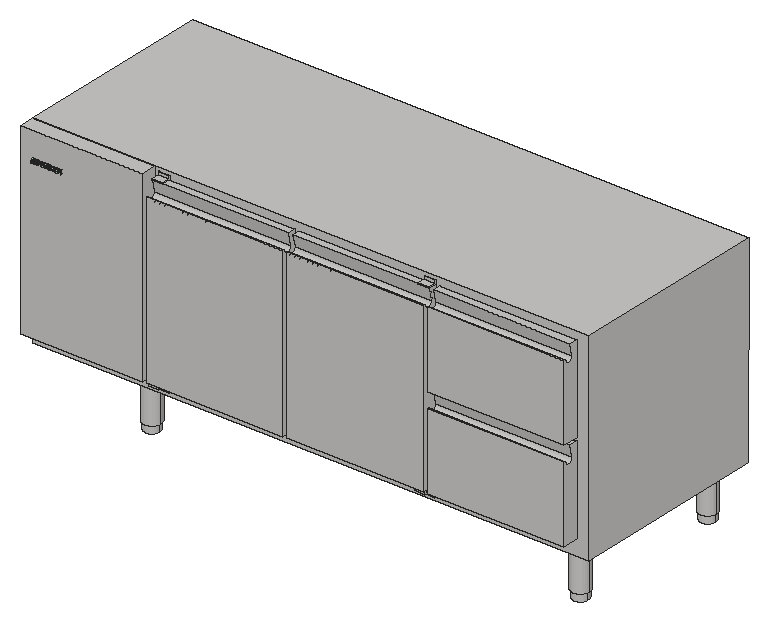
Revit family "QF_ALPENINOX_712681_AJ3F7AAB", category Specialty Equipment, Revit 2018 (continued)
Definition of nested family "APX_BI_BT_L_650"
  Automatic sketch dimensions
    Extrusion 4 sketch curve to Extrusion 4 sketch curve = 0.473 mm
    Extrusion 4 sketch curve to Extrusion 4 sketch curve = 0.171 mm
    Extrusion 4 sketch curve to Extrusion 4 sketch curve = 0.674 mm
    Extrusion 4 sketch curve to Extrusion 4 sketch curve = 1.992 mm
    Extrusion 4 sketch curve to Extrusion 4 sketch curve = 5.4 mm
    Extrusion 4 sketch curve to Extrusion 4 sketch curve = 3.473 mm  (x2)
    Extrusion 4 sketch curve to Extrusion 4 sketch curve = 2.32 mm
    Extrusion 4 sketch curve to Extrusion 4 sketch curve = 2.431 mm
    Extrusion 4 sketch curve to Extrusion 4 sketch curve = 1.177 mm
    Extrusion 4 sketch curve to Extrusion 4 sketch curve = 0.966 mm
    Extrusion 4 sketch curve to Extrusion 4 sketch curve = 2.544 mm
    Extrusion 4 sketch curve to Extrusion 4 sketch curve = 0.346 mm
    Extrusion 4 sketch curve to Extrusion 4 sketch curve = 0.037 mm
    Extrusion 4 sketch curve to Extrusion 4 sketch curve = 2.58 mm  (x2)
    Extrusion 4 sketch curve to Extrusion 4 sketch curve = 0.793 mm  (x2)
    Extrusion 4 sketch curve to Extrusion 4 sketch curve = 0.276 mm
    Extrusion 4 sketch curve to Extrusion 4 sketch curve = 3.452 mm  (x2)
    Extrusion 4 sketch curve to Extrusion 4 sketch curve = 1.238 mm
    Extrusion 4 sketch curve to Extrusion 4 sketch curve = 3.023 mm
    Extrusion 4 sketch curve to Extrusion 4 sketch curve = 0.834 mm  (x2)
    Extrusion 4 sketch curve to Extrusion 4 sketch curve = 0.529 mm
    Extrusion 4 sketch curve to Extrusion 4 sketch curve = 0.823 mm  (x2)
    Extrusion 4 sketch curve to Extrusion 4 sketch curve = 0.947 mm
    Extrusion 4 sketch curve to Extrusion 4 sketch curve = 3.837 mm
    Extrusion 4 sketch curve to Extrusion 4 sketch curve = 0.623 mm
    Extrusion 4 sketch curve to Extrusion 4 sketch curve = 1.082 mm
    Extrusion 4 sketch curve to Extrusion 4 sketch curve = 0.801 mm
    Extrusion 4 sketch curve to Extrusion 4 sketch curve = 1 mm
    Extrusion 4 sketch curve to Extrusion 4 sketch curve = 0.089 mm
    Extrusion 4 sketch curve to Extrusion 4 sketch curve = 4.257 mm
    Extrusion 4 sketch curve to Extrusion 4 sketch curve = 4.345 mm  (x2)
    Extrusion 4 sketch curve to Extrusion 4 sketch curve = 2.576 mm
    Extrusion 4 sketch curve to Extrusion 4 sketch curve = 1.385 mm  (x4)
    Extrusion 4 sketch curve to Extrusion 4 sketch curve = 2.133 mm  (x4)
    Extrusion 4 sketch curve to Extrusion 4 sketch curve = 3.518 mm
    Extrusion 4 sketch curve to Extrusion 4 sketch curve = 3.032 mm
    Split face 198 sketch curve to Extrusion 2 = 0 mm  (x2)
    Split face 198 sketch curve to Extrusion 2 = 34 mm
    Split face 198 sketch curve to Extrusion 2 = 104 mm
    Split face 198 sketch curve to Split face 198 sketch curve = 17.5 mm
    Split face 134 sketch curve to Extrusion 2 = 135.544 mm
    Split face 134 sketch curve to Extrusion 2 = 128.176 mm
    Split face 135 sketch curve to Extrusion 2 = 80.544 mm
    Split face 135 sketch curve to Extrusion 2 = 128.176 mm
    Split face 136 sketch curve to Extrusion 2 = 135.544 mm
    Split face 136 sketch curve to Extrusion 2 = 140.176 mm
    Split face 137 sketch curve to Extrusion 2 = 80.544 mm
    Split face 137 sketch curve to Extrusion 2 = 140.176 mm
    Split face 138 sketch curve to Extrusion 2 = 135.544 mm
    Split face 138 sketch curve to Extrusion 2 = 152.176 mm
    Split face 139 sketch curve to Extrusion 2 = 80.544 mm
    Split face 139 sketch curve to Extrusion 2 = 152.176 mm
    Split face 140 sketch curve to Extrusion 2 = 135.544 mm
    Split face 140 sketch curve to Extrusion 2 = 164.176 mm
    Split face 141 sketch curve to Extrusion 2 = 80.544 mm
    Split face 141 sketch curve to Extrusion 2 = 164.176 mm
    Split face 142 sketch curve to Extrusion 2 = 135.544 mm
    Split face 142 sketch curve to Extrusion 2 = 176.176 mm
    Split face 143 sketch curve to Extrusion 2 = 80.544 mm
    Split face 143 sketch curve to Extrusion 2 = 176.176 mm
    Split face 144 sketch curve to Extrusion 2 = 135.544 mm
    Split face 144 sketch curve to Extrusion 2 = 188.176 mm
    Split face 145 sketch curve to Extrusion 2 = 80.544 mm
    Split face 145 sketch curve to Extrusion 2 = 188.176 mm
    Split face 146 sketch curve to Extrusion 2 = 135.544 mm
    Split face 146 sketch curve to Extrusion 2 = 200.176 mm
    Split face 147 sketch curve to Extrusion 2 = 80.544 mm
    Split face 147 sketch curve to Extrusion 2 = 200.176 mm
    Split face 148 sketch curve to Extrusion 2 = 135.544 mm
    Split face 148 sketch curve to Extrusion 2 = 212.176 mm
    Split face 149 sketch curve to Extrusion 2 = 80.544 mm
    Split face 149 sketch curve to Extrusion 2 = 212.176 mm
    Split face 150 sketch curve to Extrusion 2 = 135.544 mm
    Split face 150 sketch curve to Extrusion 2 = 224.176 mm
    Split face 151 sketch curve to Extrusion 2 = 80.544 mm
    Split face 151 sketch curve to Extrusion 2 = 224.176 mm
    Split face 152 sketch curve to Extrusion 2 = 135.544 mm
    Split face 152 sketch curve to Extrusion 2 = 236.176 mm
    Split face 153 sketch curve to Extrusion 2 = 80.544 mm
    Split face 153 sketch curve to Extrusion 2 = 236.176 mm
    Split face 154 sketch curve to Extrusion 2 = 135.544 mm
    Split face 154 sketch curve to Extrusion 2 = 248.176 mm
    Split face 155 sketch curve to Extrusion 2 = 80.544 mm
    Split face 155 sketch curve to Extrusion 2 = 248.176 mm
    Split face 156 sketch curve to Extrusion 2 = 135.544 mm
    Split face 156 sketch curve to Extrusion 2 = 260.176 mm
    Split face 157 sketch curve to Extrusion 2 = 80.544 mm
    Split face 157 sketch curve to Extrusion 2 = 260.176 mm
    Split face 158 sketch curve to Extrusion 2 = 135.544 mm
    Split face 158 sketch curve to Extrusion 2 = 272.176 mm
    Split face 159 sketch curve to Extrusion 2 = 80.544 mm
    Split face 159 sketch curve to Extrusion 2 = 272.176 mm
    Split face 160 sketch curve to Extrusion 2 = 135.544 mm
    Split face 160 sketch curve to Extrusion 2 = 284.176 mm
    Split face 161 sketch curve to Extrusion 2 = 80.544 mm
    Split face 161 sketch curve to Extrusion 2 = 284.176 mm
    Split face 162 sketch curve to Extrusion 2 = 135.544 mm
    Split face 162 sketch curve to Extrusion 2 = 296.176 mm
    Split face 163 sketch curve to Extrusion 2 = 80.544 mm
    Split face 163 sketch curve to Extrusion 2 = 296.176 mm
    Split face 164 sketch curve to Extrusion 2 = 135.544 mm
    Split face 164 sketch curve to Extrusion 2 = 308.176 mm
    Split face 165 sketch curve to Extrusion 2 = 80.544 mm
    Split face 165 sketch curve to Extrusion 2 = 308.176 mm
    Split face 166 sketch curve to Extrusion 2 = 135.544 mm
    Split face 166 sketch curve to Extrusion 2 = 192.174 mm
    Split face 167 sketch curve to Extrusion 2 = 80.544 mm
    Split face 167 sketch curve to Extrusion 2 = 192.174 mm
    Split face 168 sketch curve to Extrusion 2 = 135.544 mm
    Split face 168 sketch curve to Extrusion 2 = 180.174 mm
    Split face 169 sketch curve to Extrusion 2 = 80.544 mm
    Split face 169 sketch curve to Extrusion 2 = 180.174 mm
    Split face 170 sketch curve to Extrusion 2 = 135.544 mm
    Split face 170 sketch curve to Extrusion 2 = 168.174 mm
    Split face 171 sketch curve to Extrusion 2 = 80.544 mm
    Split face 171 sketch curve to Extrusion 2 = 168.174 mm
    Split face 172 sketch curve to Extrusion 2 = 135.544 mm
    Split face 172 sketch curve to Extrusion 2 = 156.174 mm
    Split face 173 sketch curve to Extrusion 2 = 80.544 mm
    Split face 173 sketch curve to Extrusion 2 = 156.174 mm
    Split face 174 sketch curve to Extrusion 2 = 135.544 mm
    Split face 174 sketch curve to Extrusion 2 = 144.174 mm
    Split face 175 sketch curve to Extrusion 2 = 80.544 mm
    Split face 175 sketch curve to Extrusion 2 = 144.174 mm
    Split face 176 sketch curve to Extrusion 2 = 135.544 mm
    Split face 176 sketch curve to Extrusion 2 = 132.174 mm
    Split face 177 sketch curve to Extrusion 2 = 80.544 mm
    Split face 177 sketch curve to Extrusion 2 = 132.174 mm
    Split face 178 sketch curve to Extrusion 2 = 135.544 mm
    Split face 178 sketch curve to Extrusion 2 = 120.174 mm
    Split face 179 sketch curve to Extrusion 2 = 80.544 mm
    Split face 179 sketch curve to Extrusion 2 = 120.174 mm
    Split face 180 sketch curve to Extrusion 2 = 135.544 mm
    Split face 180 sketch curve to Extrusion 2 = 108.174 mm
    Split face 181 sketch curve to Extrusion 2 = 80.544 mm
    Split face 181 sketch curve to Extrusion 2 = 108.174 mm
    Split face 182 sketch curve to Extrusion 2 = 135.544 mm
    Split face 182 sketch curve to Extrusion 2 = 96.174 mm
    Split face 183 sketch curve to Extrusion 2 = 80.544 mm
    Split face 183 sketch curve to Extrusion 2 = 96.174 mm
    Split face 184 sketch curve to Extrusion 2 = 135.544 mm
    Split face 184 sketch curve to Extrusion 2 = 84.174 mm
    Split face 185 sketch curve to Extrusion 2 = 80.544 mm
    Split face 185 sketch curve to Extrusion 2 = 84.174 mm
    Split face 186 sketch curve to Extrusion 2 = 135.544 mm
    Split face 186 sketch curve to Extrusion 2 = 72.174 mm
    Split face 187 sketch curve to Extrusion 2 = 80.544 mm
    Split face 187 sketch curve to Extrusion 2 = 72.174 mm
    Split face 188 sketch curve to Extrusion 2 = 135.544 mm
    Split face 188 sketch curve to Extrusion 2 = 60.174 mm
    Split face 189 sketch curve to Extrusion 2 = 80.544 mm
    Split face 189 sketch curve to Extrusion 2 = 60.174 mm
    Split face 190 sketch curve to Extrusion 2 = 56.174 mm
    Split face 190 sketch curve to Extrusion 2 = 135.544 mm
    Split face 191 sketch curve to Extrusion 2 = 80.544 mm
    Split face 191 sketch curve to Extrusion 2 = 48.174 mm
    Split face 192 sketch curve to Extrusion 2 = 44.174 mm
    Split face 192 sketch curve to Extrusion 2 = 135.544 mm
    Split face 193 sketch curve to Extrusion 2 = 80.544 mm
    Split face 193 sketch curve to Extrusion 2 = 36.174 mm
    Split face 194 sketch curve to Extrusion 2 = 32.174 mm
    Split face 194 sketch curve to Extrusion 2 = 135.544 mm
    Split face 195 sketch curve to Extrusion 2 = 32.174 mm
    Split face 195 sketch curve to Extrusion 2 = 80.544 mm
    Split face 196 sketch curve to Extrusion 2 = 20.174 mm
    Split face 196 sketch curve to Extrusion 2 = 135.544 mm
    Split face 197 sketch curve to Extrusion 2 = 20.174 mm
    Split face 197 sketch curve to Extrusion 2 = 80.544 mm
    Split face 4 sketch curve to Extrusion 2 = 38.456 mm
    Split face 4 sketch curve to Extrusion 2 = 128.176 mm
    Split face 5 sketch curve to Extrusion 2 = 190.544 mm
    Split face 5 sketch curve to Extrusion 2 = 128.176 mm
    Split face 6 sketch curve to Extrusion 2 = 93.456 mm
    Split face 6 sketch curve to Extrusion 2 = 128.176 mm
    Split face 7 sketch curve to Extrusion 2 = 148.456 mm
    Split face 7 sketch curve to Extrusion 2 = 128.176 mm
    Split face 9 sketch curve to Extrusion 2 = 38.456 mm
    Split face 9 sketch curve to Extrusion 2 = 140.176 mm
    Split face 10 sketch curve to Extrusion 2 = 190.544 mm
    Split face 10 sketch curve to Extrusion 2 = 140.176 mm
    Split face 11 sketch curve to Extrusion 2 = 93.456 mm
    Split face 11 sketch curve to Extrusion 2 = 140.176 mm
    Split face 12 sketch curve to Extrusion 2 = 148.456 mm
    Split face 12 sketch curve to Extrusion 2 = 140.176 mm
    Split face 13 sketch curve to Extrusion 2 = 38.456 mm
    Split face 13 sketch curve to Extrusion 2 = 152.176 mm
    Split face 14 sketch curve to Extrusion 2 = 190.544 mm
    Split face 14 sketch curve to Extrusion 2 = 152.176 mm
    Split face 15 sketch curve to Extrusion 2 = 93.456 mm
    Split face 15 sketch curve to Extrusion 2 = 152.176 mm
    Split face 16 sketch curve to Extrusion 2 = 148.456 mm
    Split face 16 sketch curve to Extrusion 2 = 152.176 mm
    Split face 17 sketch curve to Extrusion 2 = 38.456 mm
    Split face 17 sketch curve to Extrusion 2 = 164.176 mm
    Split face 18 sketch curve to Extrusion 2 = 190.544 mm
    Split face 18 sketch curve to Extrusion 2 = 164.176 mm
    Split face 19 sketch curve to Extrusion 2 = 93.456 mm
    Split face 19 sketch curve to Extrusion 2 = 164.176 mm
    Split face 20 sketch curve to Extrusion 2 = 148.456 mm
    Split face 20 sketch curve to Extrusion 2 = 164.176 mm
    Split face 21 sketch curve to Extrusion 2 = 38.456 mm
    Split face 21 sketch curve to Extrusion 2 = 176.176 mm
    Split face 22 sketch curve to Extrusion 2 = 190.544 mm
    Split face 22 sketch curve to Extrusion 2 = 176.176 mm
    Split face 23 sketch curve to Extrusion 2 = 93.456 mm
    Split face 23 sketch curve to Extrusion 2 = 176.176 mm
    Split face 24 sketch curve to Extrusion 2 = 148.456 mm
    Split face 24 sketch curve to Extrusion 2 = 176.176 mm
    Split face 25 sketch curve to Extrusion 2 = 38.456 mm
    Split face 25 sketch curve to Extrusion 2 = 188.176 mm
    Split face 26 sketch curve to Extrusion 2 = 190.544 mm
    Split face 26 sketch curve to Extrusion 2 = 188.176 mm
    Split face 27 sketch curve to Extrusion 2 = 93.456 mm
    Split face 27 sketch curve to Extrusion 2 = 188.176 mm
    Split face 28 sketch curve to Extrusion 2 = 148.456 mm
    Split face 28 sketch curve to Extrusion 2 = 188.176 mm
    Split face 29 sketch curve to Extrusion 2 = 38.456 mm
    Split face 29 sketch curve to Extrusion 2 = 200.176 mm
    Split face 30 sketch curve to Extrusion 2 = 190.544 mm
    Split face 30 sketch curve to Extrusion 2 = 200.176 mm
    Split face 31 sketch curve to Extrusion 2 = 93.456 mm
    Split face 31 sketch curve to Extrusion 2 = 200.176 mm
    Split face 32 sketch curve to Extrusion 2 = 148.456 mm
    Split face 32 sketch curve to Extrusion 2 = 200.176 mm
    Split face 33 sketch curve to Extrusion 2 = 38.456 mm
    Split face 33 sketch curve to Extrusion 2 = 212.176 mm
    Split face 34 sketch curve to Extrusion 2 = 190.544 mm
    Split face 34 sketch curve to Extrusion 2 = 212.176 mm
    Split face 35 sketch curve to Extrusion 2 = 93.456 mm
    Split face 35 sketch curve to Extrusion 2 = 212.176 mm
    Split face 36 sketch curve to Extrusion 2 = 148.456 mm
    Split face 36 sketch curve to Extrusion 2 = 212.176 mm
    Split face 37 sketch curve to Extrusion 2 = 38.456 mm
    Split face 37 sketch curve to Extrusion 2 = 224.176 mm
    Split face 38 sketch curve to Extrusion 2 = 190.544 mm
    Split face 38 sketch curve to Extrusion 2 = 224.176 mm
    Split face 39 sketch curve to Extrusion 2 = 93.456 mm
    Split face 39 sketch curve to Extrusion 2 = 224.176 mm
    Split face 40 sketch curve to Extrusion 2 = 148.456 mm
    Split face 40 sketch curve to Extrusion 2 = 224.176 mm
    Split face 41 sketch curve to Extrusion 2 = 38.456 mm
    Split face 41 sketch curve to Extrusion 2 = 236.176 mm
    Split face 42 sketch curve to Extrusion 2 = 190.544 mm
    Split face 42 sketch curve to Extrusion 2 = 236.176 mm
    Split face 43 sketch curve to Extrusion 2 = 93.456 mm
    Split face 43 sketch curve to Extrusion 2 = 236.176 mm
    Split face 44 sketch curve to Extrusion 2 = 148.456 mm
    Split face 44 sketch curve to Extrusion 2 = 236.176 mm
    Split face 45 sketch curve to Extrusion 2 = 38.456 mm
    Split face 45 sketch curve to Extrusion 2 = 248.176 mm
    Split face 46 sketch curve to Extrusion 2 = 190.544 mm
    Split face 46 sketch curve to Extrusion 2 = 248.176 mm
    Split face 47 sketch curve to Extrusion 2 = 93.456 mm
    Split face 47 sketch curve to Extrusion 2 = 248.176 mm
    Split face 48 sketch curve to Extrusion 2 = 148.456 mm
    Split face 48 sketch curve to Extrusion 2 = 248.176 mm
    Split face 49 sketch curve to Extrusion 2 = 38.456 mm
    Split face 49 sketch curve to Extrusion 2 = 260.176 mm
    Split face 50 sketch curve to Extrusion 2 = 190.544 mm
    Split face 50 sketch curve to Extrusion 2 = 260.176 mm
    Split face 51 sketch curve to Extrusion 2 = 93.456 mm
    Split face 51 sketch curve to Extrusion 2 = 260.176 mm
    Split face 52 sketch curve to Extrusion 2 = 148.456 mm
    Split face 52 sketch curve to Extrusion 2 = 260.176 mm
    Split face 53 sketch curve to Extrusion 2 = 38.456 mm
    Split face 53 sketch curve to Extrusion 2 = 272.176 mm
    Split face 54 sketch curve to Extrusion 2 = 190.544 mm
    Split face 54 sketch curve to Extrusion 2 = 272.176 mm
    Split face 55 sketch curve to Extrusion 2 = 93.456 mm
    Split face 55 sketch curve to Extrusion 2 = 272.176 mm
    Split face 56 sketch curve to Extrusion 2 = 148.456 mm
    Split face 56 sketch curve to Extrusion 2 = 272.176 mm
    Split face 57 sketch curve to Extrusion 2 = 38.456 mm
    Split face 57 sketch curve to Extrusion 2 = 284.176 mm
    Split face 58 sketch curve to Extrusion 2 = 190.544 mm
    Split face 58 sketch curve to Extrusion 2 = 284.176 mm
    Split face 59 sketch curve to Extrusion 2 = 93.456 mm
    Split face 59 sketch curve to Extrusion 2 = 284.176 mm
    Split face 60 sketch curve to Extrusion 2 = 148.456 mm
    Split face 60 sketch curve to Extrusion 2 = 284.176 mm
    Split face 61 sketch curve to Extrusion 2 = 38.456 mm
    Split face 61 sketch curve to Extrusion 2 = 296.176 mm
    Split face 62 sketch curve to Extrusion 2 = 190.544 mm
    Split face 62 sketch curve to Extrusion 2 = 296.176 mm
    Split face 63 sketch curve to Extrusion 2 = 93.456 mm
    Split face 63 sketch curve to Extrusion 2 = 296.176 mm
    Split face 64 sketch curve to Extrusion 2 = 148.456 mm
    Split face 64 sketch curve to Extrusion 2 = 296.176 mm
    Split face 65 sketch curve to Extrusion 2 = 38.456 mm
    Split face 65 sketch curve to Extrusion 2 = 308.176 mm
    Split face 66 sketch curve to Extrusion 2 = 190.544 mm
    Split face 66 sketch curve to Extrusion 2 = 308.176 mm
    Split face 67 sketch curve to Extrusion 2 = 93.456 mm
    Split face 67 sketch curve to Extrusion 2 = 308.176 mm
    Split face 68 sketch curve to Extrusion 2 = 148.456 mm
    Split face 68 sketch curve to Extrusion 2 = 308.176 mm
    Split face 70 sketch curve to Extrusion 2 = 38.456 mm
    Split face 70 sketch curve to Extrusion 2 = 192.174 mm
    Split face 71 sketch curve to Extrusion 2 = 190.544 mm
    Split face 71 sketch curve to Extrusion 2 = 192.174 mm
    Split face 72 sketch curve to Extrusion 2 = 93.456 mm
    Split face 72 sketch curve to Extrusion 2 = 192.174 mm
    Split face 73 sketch curve to Extrusion 2 = 148.456 mm
    Split face 73 sketch curve to Extrusion 2 = 192.174 mm
    Split face 74 sketch curve to Extrusion 2 = 38.456 mm
    Split face 74 sketch curve to Extrusion 2 = 180.174 mm
    Split face 75 sketch curve to Extrusion 2 = 190.544 mm
    Split face 75 sketch curve to Extrusion 2 = 180.174 mm
    Split face 76 sketch curve to Extrusion 2 = 93.456 mm
    Split face 76 sketch curve to Extrusion 2 = 180.174 mm
    Split face 77 sketch curve to Extrusion 2 = 148.456 mm
    Split face 77 sketch curve to Extrusion 2 = 180.174 mm
    Split face 78 sketch curve to Extrusion 2 = 38.456 mm
    Split face 78 sketch curve to Extrusion 2 = 168.174 mm
    Split face 79 sketch curve to Extrusion 2 = 190.544 mm
    Split face 79 sketch curve to Extrusion 2 = 168.174 mm
    Split face 80 sketch curve to Extrusion 2 = 93.456 mm
    Split face 80 sketch curve to Extrusion 2 = 168.174 mm
    Split face 81 sketch curve to Extrusion 2 = 148.456 mm
    Split face 81 sketch curve to Extrusion 2 = 168.174 mm
    Split face 82 sketch curve to Extrusion 2 = 38.456 mm
    Split face 82 sketch curve to Extrusion 2 = 156.174 mm
    Split face 83 sketch curve to Extrusion 2 = 190.544 mm
    Split face 83 sketch curve to Extrusion 2 = 156.174 mm
    Split face 84 sketch curve to Extrusion 2 = 93.456 mm
    Split face 84 sketch curve to Extrusion 2 = 156.174 mm
    Split face 85 sketch curve to Extrusion 2 = 148.456 mm
    Split face 85 sketch curve to Extrusion 2 = 156.174 mm
    Split face 86 sketch curve to Extrusion 2 = 38.456 mm
    Split face 86 sketch curve to Extrusion 2 = 144.174 mm
    Split face 87 sketch curve to Extrusion 2 = 190.544 mm
    Split face 87 sketch curve to Extrusion 2 = 144.174 mm
    Split face 88 sketch curve to Extrusion 2 = 93.456 mm
    Split face 88 sketch curve to Extrusion 2 = 144.174 mm
    Split face 89 sketch curve to Extrusion 2 = 148.456 mm
    Split face 89 sketch curve to Extrusion 2 = 144.174 mm
    Split face 90 sketch curve to Extrusion 2 = 38.456 mm
    Split face 90 sketch curve to Extrusion 2 = 132.174 mm
    Split face 91 sketch curve to Extrusion 2 = 190.544 mm
    Split face 91 sketch curve to Extrusion 2 = 132.174 mm
    Split face 92 sketch curve to Extrusion 2 = 93.456 mm
    Split face 92 sketch curve to Extrusion 2 = 132.174 mm
    Split face 93 sketch curve to Extrusion 2 = 148.456 mm
    Split face 93 sketch curve to Extrusion 2 = 132.174 mm
    Split face 94 sketch curve to Extrusion 2 = 38.456 mm
    Split face 94 sketch curve to Extrusion 2 = 120.174 mm
    Split face 95 sketch curve to Extrusion 2 = 190.544 mm
    Split face 95 sketch curve to Extrusion 2 = 120.174 mm
    Split face 96 sketch curve to Extrusion 2 = 93.456 mm
    Split face 96 sketch curve to Extrusion 2 = 120.174 mm
    Split face 97 sketch curve to Extrusion 2 = 148.456 mm
    Split face 97 sketch curve to Extrusion 2 = 120.174 mm
    Split face 98 sketch curve to Extrusion 2 = 38.456 mm
    Split face 98 sketch curve to Extrusion 2 = 108.174 mm
    Split face 99 sketch curve to Extrusion 2 = 190.544 mm
    Split face 99 sketch curve to Extrusion 2 = 108.174 mm
    Split face 100 sketch curve to Extrusion 2 = 93.456 mm
    Split face 100 sketch curve to Extrusion 2 = 108.174 mm
    Split face 101 sketch curve to Extrusion 2 = 148.456 mm
    Split face 101 sketch curve to Extrusion 2 = 108.174 mm
    Split face 102 sketch curve to Extrusion 2 = 38.456 mm
    Split face 102 sketch curve to Extrusion 2 = 96.174 mm
    Split face 103 sketch curve to Extrusion 2 = 190.544 mm
    Split face 103 sketch curve to Extrusion 2 = 96.174 mm
    Split face 104 sketch curve to Extrusion 2 = 93.456 mm
    Split face 104 sketch curve to Extrusion 2 = 96.174 mm
    Split face 105 sketch curve to Extrusion 2 = 148.456 mm
    Split face 105 sketch curve to Extrusion 2 = 96.174 mm
    Split face 106 sketch curve to Extrusion 2 = 38.456 mm
    Split face 106 sketch curve to Extrusion 2 = 84.174 mm
    Split face 107 sketch curve to Extrusion 2 = 92.174 mm
    Split face 107 sketch curve to Extrusion 2 = 190.544 mm
    Split face 108 sketch curve to Extrusion 2 = 93.456 mm
    Split face 108 sketch curve to Extrusion 2 = 84.174 mm
    Split face 109 sketch curve to Extrusion 2 = 148.456 mm
    Split face 109 sketch curve to Extrusion 2 = 84.174 mm
    Split face 110 sketch curve to Extrusion 2 = 38.456 mm
    Split face 110 sketch curve to Extrusion 2 = 72.174 mm
    Split face 111 sketch curve to Extrusion 2 = 80.174 mm
    Split face 111 sketch curve to Extrusion 2 = 190.544 mm
    Split face 112 sketch curve to Extrusion 2 = 93.456 mm
    Split face 112 sketch curve to Extrusion 2 = 72.174 mm
    Split face 113 sketch curve to Extrusion 2 = 148.456 mm
    Split face 113 sketch curve to Extrusion 2 = 72.174 mm
    Split face 114 sketch curve to Extrusion 2 = 38.456 mm
    Split face 114 sketch curve to Extrusion 2 = 60.174 mm
    Split face 115 sketch curve to Extrusion 2 = 68.174 mm
    Split face 115 sketch curve to Extrusion 2 = 190.544 mm
    Split face 116 sketch curve to Extrusion 2 = 93.456 mm
    Split face 116 sketch curve to Extrusion 2 = 60.174 mm
    Split face 117 sketch curve to Extrusion 2 = 68.174 mm
    Split face 117 sketch curve to Extrusion 2 = 148.456 mm
    Split face 118 sketch curve to Extrusion 2 = 38.456 mm
    Split face 118 sketch curve to Extrusion 2 = 48.174 mm
    Split face 119 sketch curve to Extrusion 2 = 56.174 mm
    Split face 119 sketch curve to Extrusion 2 = 190.544 mm
    Split face 120 sketch curve to Extrusion 2 = 93.456 mm
    Split face 120 sketch curve to Extrusion 2 = 48.174 mm
    Split face 121 sketch curve to Extrusion 2 = 56.174 mm
    Split face 121 sketch curve to Extrusion 2 = 148.456 mm
    Split face 122 sketch curve to Extrusion 2 = 38.456 mm
    Split face 122 sketch curve to Extrusion 2 = 36.174 mm
    Split face 123 sketch curve to Extrusion 2 = 44.174 mm
    Split face 123 sketch curve to Extrusion 2 = 190.544 mm
    Split face 124 sketch curve to Extrusion 2 = 44.174 mm
    Split face 124 sketch curve to Extrusion 2 = 93.456 mm
    Split face 125 sketch curve to Extrusion 2 = 44.174 mm
    Split face 125 sketch curve to Extrusion 2 = 148.456 mm
    Split face 126 sketch curve to Extrusion 2 = 38.456 mm
    Split face 126 sketch curve to Extrusion 2 = 24.174 mm
    Split face 127 sketch curve to Extrusion 2 = 32.174 mm
    Split face 127 sketch curve to Extrusion 2 = 190.544 mm
    Split face 128 sketch curve to Extrusion 2 = 32.174 mm
    Split face 128 sketch curve to Extrusion 2 = 93.456 mm
    Split face 129 sketch curve to Extrusion 2 = 32.174 mm
    Split face 129 sketch curve to Extrusion 2 = 148.456 mm
    Split face 130 sketch curve to Extrusion 2 = 38.456 mm
    Split face 130 sketch curve to Extrusion 2 = 12.174 mm
    Split face 131 sketch curve to Extrusion 2 = 20.174 mm
    Split face 131 sketch curve to Extrusion 2 = 190.544 mm
    Split face 132 sketch curve to Extrusion 2 = 20.174 mm
    Split face 132 sketch curve to Extrusion 2 = 93.456 mm
    Split face 133 sketch curve to Extrusion 2 = 20.174 mm
    Split face 133 sketch curve to Extrusion 2 = 148.456 mm
    curve 1 to level = 0 mm
    curve 1 to plane 5 = 0 mm
    curve 1 to curve 1 = 50 mm
Definition of nested family "APX_SD_L_650"
  Parameters
    Show Clearance [instance] = yes
    Default Elevation = 1219.2 mm
  Reference planes
    plane 1 "Center (Front/Back)": y = 28.12
    plane 2: z = 0
    plane 3 "Center (Left/Right)": x = 0
    plane 4: x = -234
    plane 5: x = 234
  Forms (mm)
    Extrusion 1, solid
      sketch origin (0, 0, 0) x (1, 0, 0) y (0, 1, 0)
        loop
          line (-1219.2, 1219.2) -> (-1219.2, -1219.2) -> (1219.2, -1219.2) -> (1219.2, 1219.2) -> (-1219.2, 1219.2)
      from 0 to -304.8
    Extrusion 2, solid
      sketch origin (0, 53.12, -3) x (0, 1, 0) y (0, 0, 1)
        loop
          line (-314, 53) -> (-314, 3) -> (264, 3) -> (264, 29) -> (224.395, 20)
          arc (224.395, 20) -> (210.396, 33.803) -> (224, 47.994) r 14
          line (224, 47.994) -> (224, 53) -> (-314, 53)
      from -220 to 220
    Extrusion 3, solid
      sketch origin (0, 53.12, 0) x (0, 1, 0) y (0, 0, -1)
        loop
          line (-323.003, -40.312) -> (-323.003, -12.259) -> (-323.003, 0) -> (-351.511, 0) -> (-351.511, -2.5) -> (-325.503, -2.5) -> (-325.503, -42.812) -> (-316.501, -42.812) -> (-316.501, -40.312) -> (-323.003, -40.312)
        loop
          line (-314, -38.311) -> (-314, -11.804) -> (-319.752, -11.804) -> (-319.752, -14.304) -> (-316.501, -14.304) -> (-316.501, -38.311) -> (-314, -38.311)
        loop
          line (265.003, -27.948) -> (267.503, -27.948) -> (267.503, -2.5) -> (277.503, -2.5) -> (277.503, 0) -> (265.003, 0) -> (265.003, -2.948) -> (265.003, -27.948)
      from 185 to 220
    Extrusion 4, solid, visible <- "Show Clearance", detail levels coarse
      sketch origin (0, 28.12, -3) x (-1, 0, 0) y (0, 0, -1)
        loop
          line (220, -53) -> (-220, -53)
          arc (-220, -53) -> (-79.636, -340.04) -> (220, -451) r 430
          line (220, -451) -> (220, -53)
      from -289 to 289
  Lines and regions (mm)
    symbolic lines
      curve 1: arc (219.599, 0, 55) -> (95.934, 0, 321.503) -> (-170, 0, 446.39) r 430
      curve 2: line (-220, 0, 55) -> (-220, 0, 448)
      curve 3: line (-170, 0, 55) -> (-170, 0, 448)
      curve 4: line (-220, 0, 448) -> (-170, 0, 448)
  Dimensions and locks
    plane 4 to plane 3 "Center (Left/Right)" to plane 5 = 234 mm locked, 234 mm locked
    aligned and locked: plane 2 to Extrusion 1
    aligned and locked: level to Extrusion 1
Definition of nested family "APX_SD_R_650"
  Parameters
    Show Clearance [instance] = yes
    Default Elevation = 1219.2 mm
  Reference planes
    plane 1 "Center (Front/Back)": y = 28.12
    plane 2: z = 0
    plane 3 "Center (Left/Right)": x = 0
    plane 4: x = -234
    plane 5: x = 234
  Forms (mm)
    Extrusion 1, solid
      sketch origin (0, 0, 0) x (1, 0, 0) y (0, 1, 0)
        loop
          line (-1219.2, 1219.2) -> (-1219.2, -1219.2) -> (1219.2, -1219.2) -> (1219.2, 1219.2) -> (-1219.2, 1219.2)
      from 0 to -304.8
    Extrusion 2, solid
      sketch origin (0, 53.12, -3) x (0, 1, 0) y (0, 0, 1)
        loop
          line (-314, 53) -> (-314, 3) -> (264, 3) -> (264, 29) -> (224.395, 20)
          arc (224.395, 20) -> (210.396, 33.803) -> (224, 47.994) r 14
          line (224, 47.994) -> (224, 53) -> (-314, 53)
      from -220 to 220
    Extrusion 3, solid, visible <- "Show Clearance", detail levels coarse
      sketch origin (0, 28.12, -3) x (-1, 0, 0) y (0, 0, -1)
        loop
          line (220, -53) -> (-220, -53) -> (-220, -451)
          arc (-220, -451) -> (79.636, -340.04) -> (220, -53) r 430
      from -289 to 289
    Extrusion 4, solid
      sketch origin (0, 53.12, 0) x (0, 1, 0) y (0, 0, 1)
        loop
          line (-323.003, 40.312) -> (-316.501, 40.312) -> (-316.501, 42.812) -> (-325.503, 42.812) -> (-325.503, 2.5) -> (-351.511, 2.5) -> (-351.511, 0) -> (-323.003, 0) -> (-323.003, 12.259) -> (-323.003, 40.312)
        loop
          line (-314, 38.311) -> (-316.501, 38.311) -> (-316.501, 14.304) -> (-319.752, 14.304) -> (-319.752, 11.804) -> (-314, 11.804) -> (-314, 38.311)
        loop
          line (265.003, 27.948) -> (265.003, 2.948) -> (265.003, 0) -> (277.503, 0) -> (277.503, 2.5) -> (267.503, 2.5) -> (267.503, 27.948) -> (265.003, 27.948)
      from 185 to 220
  Lines and regions (mm)
    symbolic lines
      curve 1: arc (-219.599, 0, 54.79) -> (-95.934, 0, 321.293) -> (170, 0, 446.179) r 430
      curve 2: line (220, 0, 54.79) -> (220, 0, 447.79)
      curve 3: line (170, 0, 54.79) -> (170, 0, 447.79)
      curve 4: line (220, 0, 447.79) -> (170, 0, 447.79)
  Dimensions and locks
    plane 4 to plane 3 "Center (Left/Right)" to plane 5 = 234 mm locked, 234 mm locked
    aligned and locked: plane 2 to Extrusion 1
    aligned and locked: level to Extrusion 1
Definition of nested family "APX_HALF_650"
  Parameters
    Show Clearance [instance] = yes
    Default Elevation = 1219.2 mm
  Reference planes
    plane 1 "Center (Front/Back)": y = 28.92
    plane 2: z = 0
    plane 3 "Center (Left/Right)": x = 0
    plane 4: x = -234
    plane 5: x = 234
    plane 6: z = 618
  Forms (mm)
    Extrusion 1, solid
      sketch origin (0, 0, 0) x (1, 0, 0) y (0, 1, 0)
        loop
          line (-1219.2, 1219.2) -> (-1219.2, -1219.2) -> (1219.2, -1219.2) -> (1219.2, 1219.2) -> (-1219.2, 1219.2)
      from 0 to -304.8
    Extrusion 2, solid
      sketch origin (0, 0, 0) x (0, 1, 0) y (0, 0, 1)
        loop
          line (317.92, 0) -> (317.92, 26) -> (278.314, 17)
          arc (278.314, 17) -> (264.314, 31) -> (278.314, 45) r 14
          line (278.314, 45) -> (278.314, 50) -> (33.92, 50) -> (33.92, 0) -> (317.92, 0)
        loop
          line (23.92, 0) -> (23.92, 26) -> (-15.686, 17)
          arc (-15.686, 17) -> (-29.686, 31) -> (-15.686, 45) r 14
          line (-15.686, 45) -> (-15.686, 50) -> (-260.08, 50) -> (-260.08, 0) -> (23.92, 0)
      from -220 to 220
    Extrusion 3, solid, visible <- "Show Clearance", detail levels coarse
      sketch origin (0, 0, 512) x (0, 1, 0) y (0, 0, 1)
        loop
          line (-260.08, 106) -> (-260.08, -462) -> (23.92, -462) -> (23.92, 82) -> (-15.686, 73)
          arc (-15.686, 73) -> (-29.686, 87) -> (-15.686, 101) r 14
          line (-15.686, 101) -> (-15.686, 106) -> (-260.08, 106)
        loop
          line (317.92, -462) -> (317.92, 82) -> (278.314, 73)
          arc (278.314, 73) -> (264.314, 87) -> (278.314, 101) r 14
          line (278.314, 101) -> (278.314, 106) -> (33.92, 106) -> (33.92, -462) -> (317.92, -462)
      from -220 to 220
  Lines and regions (mm)
    symbolic lines
      curve 1: line (220, 0, 140) -> (-220, 0, 140)
      curve 2: line (220, 0, 175) -> (-220, 0, 175)
      curve 3: line (220, 0, 260) -> (-220, 0, 260)
      curve 4: line (220, 0, 295) -> (-220, 0, 295)
      curve 5: line (191.424, 0, 140) -> (191.424, 0, 55)
      curve 6: line (-190, 0, 140) -> (-190, 0, 55)
      curve 7: line (191.424, 0, 260) -> (191.424, 0, 175)
      curve 8: line (-190, 0, 260) -> (-190, 0, 175)
      curve 9: line (220, 0, 260) -> (220, 0, 295)
      curve 10: line (-220, 0, 260) -> (-220, 0, 295)
      curve 11: line (220, 0, 140) -> (220, 0, 175)
      curve 12: line (-220, 0, 140) -> (-220, 0, 175)
  Dimensions and locks
    plane 4 to plane 3 "Center (Left/Right)" to plane 5 = 234 mm locked, 234 mm locked
    plane 6 to level = 618 mm
    aligned and locked: plane 2 to Extrusion 1
    aligned and locked: level to Extrusion 1
Definition of nested family "Freezer"
  Reference planes
    plane 1 "Center (Front/Back)": y = 0
    plane 2: z = 0
    plane 3 "Center (Left/Right)": x = 0
  Lines and regions (mm)
    detail lines, in view "Ref. Level"
      curve 1: spline (-500, 190, 0) -> (-493.185, 166.706, 0) -> (-473.205, 145, 0) -> (-441.421, 126.36, 0) -> (-400, 112.058, 0) -> (-351.764, 103.067, 0) -> (-300, 100, 0) -> (-248.236, 103.067, 0) -> (-200, 112.058, 0) -> (-158.579, 126.36, 0) -> (-126.795, 145, 0) -> (-106.815, 166.706, 0) -> (-100, 190, 0) -> (-106.815, 213.294, 0) -> (-126.795, 235, 0) -> (-158.579, 253.64, 0) -> (-200, 267.942, 0) -> (-248.236, 276.933, 0) -> (-300, 280, 0) -> (-351.764, 276.933, 0) -> (-400, 267.942, 0) -> (-441.421, 253.64, 0) -> (-473.205, 235, 0) -> (-493.185, 213.294, 0) -> (-500, 190, 0)
      curve 2: line (-220, 130, 0) -> (-220, 250, 0)
      curve 3: line (-271.962, 220, 0) -> (-168.038, 160, 0)
      curve 4: line (-271.962, 160, 0) -> (-168.038, 220, 0)
      curve 5: line (-200.884, 246.873, 0) -> (-220, 225, 0)
      curve 6: line (-220, 225, 0) -> (-239.116, 246.873, 0)
      curve 7: line (-250.311, 207.5, 0) -> (-260, 235.883, 0)
      curve 8: line (-279.736, 201.7, 0) -> (-250.311, 207.5, 0)
      curve 9: line (-250.311, 172.5, 0) -> (-279.736, 178.3, 0)
      curve 10: line (-260, 144.117, 0) -> (-250.311, 172.5, 0)
      curve 11: line (-220, 155, 0) -> (-239.116, 133.127, 0)
      curve 12: line (-200.884, 133.127, 0) -> (-220, 155, 0)
      curve 13: line (-189.689, 172.5, 0) -> (-180.304, 145.008, 0)
      curve 14: line (-161.188, 178.118, 0) -> (-189.689, 172.5, 0)
      curve 15: line (-189.689, 207.5, 0) -> (-161.188, 201.882, 0)
      curve 16: line (-180.304, 234.992, 0) -> (-189.689, 207.5, 0)
      curve 17: line (-380, 130, 0) -> (-380, 250, 0)
      curve 18: line (-431.962, 220, 0) -> (-328.038, 160, 0)
      curve 19: line (-431.962, 160, 0) -> (-328.038, 220, 0)
      curve 20: line (-360.884, 246.873, 0) -> (-380, 225, 0)
      curve 21: line (-380, 225, 0) -> (-399.116, 246.873, 0)
      curve 22: line (-410.311, 207.5, 0) -> (-419.696, 234.992, 0)
      curve 23: line (-438.812, 201.882, 0) -> (-410.311, 207.5, 0)
      curve 24: line (-410.311, 172.5, 0) -> (-438.812, 178.118, 0)
      curve 25: line (-419.696, 145.008, 0) -> (-410.311, 172.5, 0)
      curve 26: line (-380, 155, 0) -> (-399.116, 133.127, 0)
      curve 27: line (-360.884, 133.127, 0) -> (-380, 155, 0)
      curve 28: line (-349.689, 172.5, 0) -> (-340, 144.117, 0)
      curve 29: line (-320.264, 178.3, 0) -> (-349.689, 172.5, 0)
      curve 30: line (-349.689, 207.5, 0) -> (-320.264, 201.7, 0)
      curve 31: line (-340, 235.883, 0) -> (-349.689, 207.5, 0)
